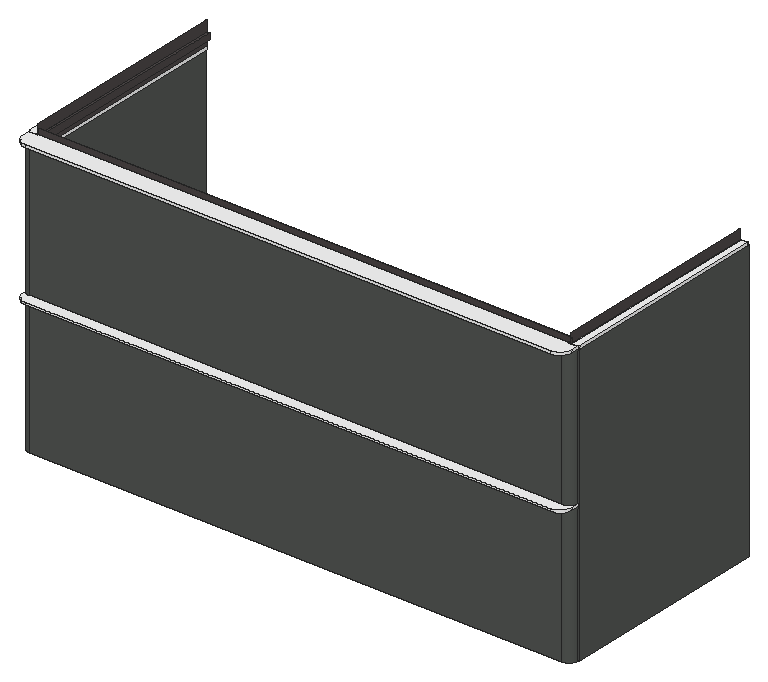
Revit family "vanity unit with 2 drawers", category Furniture, Revit 2019 (continued)
Definition of nested family "vanity unit 980_475 with 2 drawers for washbasin-54034700-dark walnut-matt_white-200_content"
  Forms (mm)
    Extrusion 5, solid, visible <- "ContentVisible", detail levels medium+fine
      sketch origin (0, 0, 0) x (1, 0, 0) y (0, 0, -1)
        loop
          line (472.5, -566.8) -> (472.5, -605) -> (474, -605) -> (474, -566.8) -> (472.5, -566.8)
      from -455 to 0
    Extrusion 6, solid, visible <- "ContentVisible", detail levels medium+fine
      sketch origin (0, 0, 600) x (1, 0, 0) y (0, 1, 0)
        loop
          line (-490, 0) -> (-490, -455) -> (-474, -455) -> (-474, 0) -> (-490, 0)
      from 0 to 5
    Extrusion 7, solid, visible <- "ContentVisible", detail levels medium+fine
      sketch origin (0, 0, 600) x (1, 0, 0) y (0, 1, 0)
        loop
          line (474, 0) -> (474, -455) -> (490, -455) -> (490, 0) -> (474, 0)
      from 0 to 5
    Extrusion 8, solid, visible <- "ContentVisible", detail levels medium+fine
      sketch origin (0, 0, 0) x (1, 0, 0) y (0, 0, -1)
        loop
          line (-472.5, -575.3) -> (-472.5, -624.5) -> (-466.4, -624.5) -> (-466.4, -575.3) -> (-472.5, -575.3)
      from -453.5 to 0
    Extrusion 9, solid, visible <- "ContentVisible", detail levels medium+fine
      sketch origin (0, 0, 0) x (1, 0, 0) y (0, 0, -1)
        loop
          line (466.4, -575.3) -> (466.4, -624.5) -> (472.5, -624.5) -> (472.5, -575.3) -> (466.4, -575.3)
      from -453.5 to 0
    Extrusion 10, solid, visible <- "ContentVisible", detail levels medium+fine
      sketch origin (0, 0, 0) x (0, 0, -1) y (0, 1, 0)
        loop
          line (-616, -453.5) -> (-567, -453.5) -> (-567, -447.4) -> (-616, -447.4) -> (-616, -453.5)
      from -472.5 to 472.5
    Extrusion 11, solid, visible <- "ContentVisible", detail levels coarse
      sketch origin (0, -248, 0) x (1, 0, 0) y (0, 1, 0)
        loop
          line (-490, -248) -> (490, -248) -> (490, 248) -> (-490, 248) -> (-490, -248)
      from 0 to 624.5
  Dimensions and locks
    aligned and locked: level to plane 2
Definition of nested family "vanity unit 980_475 with 2 drawers for washbasin-54034700-dark walnut-matt_white-400_content"
  Parameters (values of type "Vanity unit 980_475 with 2 drawers for washbasin-54034700-Dark Walnut-MATT_WHITE-400_Content")
    etim7_EC011381 = "EC011381"
    WEIGHT = "39.8"
    UNSPSC = "56 | Furniture and Furnishings"
    UNIFORMATII = "E2010 | Fixed Furnishings"
    UNICLASS_2015_CODE = "40_30_78_05"
    UNICLASS2015 = "Pr_40_30_78_05 | Bathroom furniture"
    SURFACE = "MATT_WHITE"
    REGIONSET = "Worldwide"
    PRODUCTURL = "https://pro.hansgrohe.com/articledetail--54034000"
    PRODUCTGROUP = "vanity unit"
    PRODUCTFAMILY = "Xelu Q"
    PERMALINK = "54034XXX"
    OMNICLASS = "23-21 19 15 33 13 | Residential Bathroom Specialty Casework"
    OBJECTTYPE = "Object (single object)"
    OBERFLAECHE = "Dark Walnut"
    NN = "Vanity Unit with 2 Drawers"
    NBSYN = "$BASENUMBER.-$ARTNR.-$OBERFLAECHE.-$SURFACE.-$LODLEVEL."
    NB = "Vanity unit 980/475 with 2 drawers for washbasin-54034700-Dark Walnut-MATT_WHITE-400"
    NAME = "Xelu Q Vanity unit Dark Walnut 980/475 with 2 drawers for washbasin"
    Model = "Vanity unit 980/475 with 2 drawers for washbasin-54034700-Dark Walnut-MATT_WHITE-400"
    Manufacturer = "Hansgrohe"
    MASTERFORMAT = "12 35 30.23 | Bathroom Casework"
    LODLEVEL = "400"
    LINA = "Vanity unit 980/475 with 2 drawers for washbasin-54034700-Dark Walnut-MATT_WHITE-400"
    L = 980
    IFC = "Furnishing element"
    GTINCODE = "4059625455838"
    ETIM = "EC011381 | Bathroom furniture set"
    Default Elevation = 1219.2 mm
    DESIGN = "Germany"
    ContentVisible [instance] = yes
    CATALOG = "Hansgrohe"
    BIMOBJECT = "Sanitary: Compound units"
    BASENUMBER = "Vanity unit 980/475 with 2 drawers for washbasin"
    ARTNR = "54034700"
  Reference planes
    plane 1 "Center (Front/Back)": y = 0
    plane 2: z = 0
    plane 3 "Center (Left/Right)": x = 0
  Forms (mm)
    Extrusion 1, solid, visible <- "ContentVisible", detail levels medium+fine
      sketch origin (0, 0, 0) x (1, 0, 0) y (0, 1, 0)
        loop
          line (-490, 0) -> (-490, -452)
          arc (-490, -452) -> (-489.121, -454.121) -> (-487, -455) r 3
          line (-487, -455) -> (-474, -455) -> (-474, 0) -> (-490, 0)
      from 0 to 600
    Extrusion 2, solid, visible <- "ContentVisible", detail levels medium+fine
      sketch origin (0, 0, 2) x (1, 0, 0) y (0, 1, 0)
        loop
          line (-474, -88) -> (-474, -455) -> (474, -455) -> (474, -88) -> (-474, -88)
      from 0 to 16
    Extrusion 3, solid, visible <- "ContentVisible", detail levels medium+fine
      sketch origin (0, 0, 0) x (1, 0, 0) y (0, 1, 0)
        loop
          line (474, 0) -> (474, -455) -> (487, -455)
          arc (487, -455) -> (489.121, -454.121) -> (490, -452) r 3
          line (490, -452) -> (490, 0) -> (474, 0)
      from 0 to 600
    Extrusion 4, solid, visible <- "ContentVisible", detail levels medium+fine
      sketch origin (0, 0, 2) x (1, 0, 0) y (0, 1, 0)
        loop
          line (-474, -72) -> (-474, -88) -> (474, -88) -> (474, -72) -> (-474, -72)
      from 0 to 126
    Extrusion 5, solid, visible <- "ContentVisible", detail levels medium+fine
      sketch origin (0, 0, 2) x (1, 0, 0) y (0, 1, 0)
        loop
          line (-490, -455) -> (-490, -457)
          arc (-490, -457) -> (-484.435, -470.435) -> (-471, -476) r 19
          line (-471, -476) -> (471, -476)
          arc (471, -476) -> (484.435, -470.435) -> (490, -457) r 19
          line (490, -457) -> (490, -455) -> (-490, -455)
      from 0 to 295
    Extrusion 6, solid, visible <- "ContentVisible", detail levels medium+fine
      sketch origin (0, 0, 305) x (1, 0, 0) y (0, 1, 0)
        loop
          line (-490, -455) -> (-490, -457)
          arc (-490, -457) -> (-484.435, -470.435) -> (-471, -476) r 19
          line (-471, -476) -> (471, -476)
          arc (471, -476) -> (484.435, -470.435) -> (490, -457) r 19
          line (490, -457) -> (490, -455) -> (-490, -455)
      from 0 to 295
    Extrusion 7, solid, visible <- "ContentVisible", detail levels medium+fine
      sketch origin (0, 0, 297) x (1, 0, 0) y (0, 1, 0)
        loop
          line (-488.5, -455) -> (-488.5, -471)
          arc (-488.5, -471) -> (-481.178, -488.678) -> (-463.5, -496) r 25
          line (-463.5, -496) -> (463.5, -496)
          arc (463.5, -496) -> (481.178, -488.678) -> (488.5, -471) r 25
          line (488.5, -471) -> (488.5, -455) -> (468.5, -455) -> (468.5, -453.5) -> (-468.5, -453.5) -> (-468.5, -455) -> (-488.5, -455)
      from 0 to 5
    Extrusion 8, solid, visible <- "ContentVisible", detail levels medium+fine
      sketch origin (0, 0, 0) x (0, 0, -1) y (0, 1, 0)
        loop
          line (-297, -453.5) -> (-297, -455) -> (-267, -455) -> (-267, -453.5) -> (-297, -453.5)
      from -468.5 to 468.5
    Extrusion 9, solid, visible <- "ContentVisible", detail levels medium+fine
      sketch origin (0, 0, 600) x (1, 0, 0) y (0, 1, 0)
        loop
          line (-488.5, -455) -> (-488.5, -471)
          arc (-488.5, -471) -> (-481.178, -488.678) -> (-463.5, -496) r 25
          line (-463.5, -496) -> (463.5, -496)
          arc (463.5, -496) -> (481.178, -488.678) -> (488.5, -471) r 25
          line (488.5, -471) -> (488.5, -455) -> (468.5, -455) -> (468.5, -453.5) -> (-468.5, -453.5) -> (-468.5, -455) -> (-488.5, -455)
      from 0 to 5
    Extrusion 10, solid, visible <- "ContentVisible", detail levels medium+fine
      sketch origin (0, 0, 0) x (0, 0, -1) y (0, 1, 0)
        loop
          line (-600, -453.5) -> (-600, -455) -> (-570, -455) -> (-570, -453.5) -> (-600, -453.5)
      from -468.5 to 468.5
    Extrusion 11, solid, visible <- "ContentVisible", detail levels medium+fine
      sketch origin (0, 0, 0) x (1, 0, 0) y (0, 0, -1)
        loop
          line (-474, -566.8) -> (-474, -605) -> (-472.5, -605) -> (-472.5, -566.8) -> (-474, -566.8)
      from -455 to 0
    Extrusion 12, solid, visible <- "ContentVisible", detail levels medium+fine
      sketch origin (0, 0, 0) x (1, 0, 0) y (0, 0, -1)
        loop
          line (472.5, -566.8) -> (472.5, -605) -> (474, -605) -> (474, -566.8) -> (472.5, -566.8)
      from -455 to 0
    Extrusion 13, solid, visible <- "ContentVisible", detail levels medium+fine
      sketch origin (0, 0, 600) x (1, 0, 0) y (0, 1, 0)
        loop
          line (-490, -3) -> (-490, -452)
          arc (-490, -452) -> (-489.121, -454.121) -> (-487, -455) r 3
          line (-487, -455) -> (-474, -455) -> (-474, 0) -> (-487, 0)
          arc (-487, 0) -> (-489.121, -0.879) -> (-490, -3) r 3
      from 0 to 5
    Extrusion 14, solid, visible <- "ContentVisible", detail levels medium+fine
      sketch origin (0, 0, 600) x (1, 0, 0) y (0, 1, 0)
        loop
          line (474, 0) -> (474, -455) -> (487, -455)
          arc (487, -455) -> (489.121, -454.121) -> (490, -452) r 3
          line (490, -452) -> (490, -3)
          arc (490, -3) -> (489.121, -0.879) -> (487, 0) r 3
          line (487, 0) -> (474, 0)
      from 0 to 5
    Extrusion 15, solid, visible <- "ContentVisible", detail levels medium+fine
      sketch origin (0, 0, 0) x (1, 0, 0) y (0, 0, -1)
        loop
          line (-472.5, -575.3) -> (-472.5, -624.5) -> (-471, -624.5) -> (-471, -602.8) -> (-466.4, -602.8) -> (-466.4, -588.3) -> (-471, -588.3) -> (-471, -575.3) -> (-472.5, -575.3)
      from -453.5 to 0
    Extrusion 16, solid, visible <- "ContentVisible", detail levels medium+fine
      sketch origin (0, 0, 0) x (1, 0, 0) y (0, 0, -1)
        loop
          line (466.4, -588.3) -> (466.4, -602.8) -> (471, -602.8) -> (471, -624.5) -> (472.5, -624.5) -> (472.5, -575.3) -> (471, -575.3) -> (471, -588.3) -> (466.4, -588.3)
      from -453.5 to 0
    Extrusion 17, solid, visible <- "ContentVisible", detail levels medium+fine
      sketch origin (0, 0, 0) x (0, 0, -1) y (0, 1, 0)
        loop
          line (-616, -453.5) -> (-567, -453.5) -> (-567, -452) -> (-588.5, -452) -> (-588.5, -447.4) -> (-603, -447.4) -> (-603, -452) -> (-616, -452) -> (-616, -453.5)
      from -472.5 to 472.5
    Extrusion 18, solid, visible <- "ContentVisible", detail levels coarse
      sketch origin (0, -248, 0) x (1, 0, 0) y (0, 1, 0)
        loop
          line (-490, -248) -> (490, -248) -> (490, 248) -> (-490, 248) -> (-490, -248)
      from 0 to 624.5
  Dimensions and locks
    aligned and locked: level to plane 2
Types (120, lengths in mm): name | WEIGHT | Vanity unit 980_475 with 2 drawers for washbasin-54034700-Dark Walnut-MATT_WHITE-400_RX0RY0RZ0TX0TY0TZ0_V | Vanity unit 980_475 with 2 drawers for washbasin-54034700-Dark Walnut-MATT_WHITE-200_RX0RY0RZ0TX0TY0TZ0_V | Vanity unit 980_475 with 2 drawers for washbasin-54034670-Dark Walnut-MATT_BLACK-400_RX0RY0RZ0TX0TY0TZ0_V | Vanity unit 980_475 with 2 drawers for washbasin-54034670-Dark Walnut-MATT_BLACK-200_RX0RY0RZ0TX0TY0TZ0_V | Vanity unit 980_475 with 2 drawers for washbasin-54034000-Dark Walnut-CHROME-400_RX0RY0RZ0TX0TY0TZ0_V | Vanity unit 980_475 with 2 drawers for washbasin-54034000-Dark Walnut-CHROME-200_RX0RY0RZ0TX0TY0TZ0_V | Vanity unit 980_475 with 2 drawers for washbasin-54033700-Natural Oak-MATT_WHITE-400_RX0RY0RZ0TX0TY0TZ0_V | Vanity unit 980_475 with 2 drawers for washbasin-54033700-Natural Oak-MATT_WHITE-200_RX0RY0RZ0TX0TY0TZ0_V | Vanity unit 980_475 with 2 drawers for washbasin-54033670-Natural Oak-MATT_BLACK-400_RX0RY0RZ0TX0TY0TZ0_V | Vanity unit 980_475 with 2 drawers for washbasin-54033670-Natural Oak-MATT_BLACK-200_RX0RY0RZ0TX0TY0TZ0_V | Vanity unit 980_475 with 2 drawers for washbasin-54033000-Natural Oak-CHROME-400_RX0RY0RZ0TX0TY0TZ0_V | Vanity unit 980_475 with 2 drawers for washbasin-54033000-Natural Oak-CHROME-200_RX0RY0RZ0TX0TY0TZ0_V | Vanity unit 980_475 with 2 drawers for washbasin-54032700-Diamond Matt Grey-MATT_WHITE-400_RX0RY0RZ0TX0TY0TZ0_V | Vanity unit 980_475 with 2 drawers for washbasin-54032700-Diamond Matt Grey-MATT_WHITE-200_RX0RY0RZ0TX0TY0TZ0_V | Vanity unit 980_475 with 2 drawers for washbasin-54032670-Diamond Matt Grey-MATT_BLACK-400_RX0RY0RZ0TX0TY0TZ0_V | Vanity unit 980_475 with 2 drawers for washbasin-54032670-Diamond Matt Grey-MATT_BLACK-200_RX0RY0RZ0TX0TY0TZ0_V | Vanity unit 980_475 with 2 drawers for washbasin-54032000-Diamond Matt Grey-CHROME-400_RX0RY0RZ0TX0TY0TZ0_V | Vanity unit 980_475 with 2 drawers for washbasin-54032000-Diamond Matt Grey-CHROME-200_RX0RY0RZ0TX0TY0TZ0_V | Vanity unit 980_475 with 2 drawers for washbasin-54031700-High Gloss White-MATT_WHITE-400_RX0RY0RZ0TX0TY0TZ0_V | Vanity unit 980_475 with 2 drawers for washbasin-54031700-High Gloss White-MATT_WHITE-200_RX0RY0RZ0TX0TY0TZ0_V | Vanity unit 980_475 with 2 drawers for washbasin-54031670-High Gloss White-MATT_BLACK-400_RX0RY0RZ0TX0TY0TZ0_V | Vanity unit 980_475 with 2 drawers for washbasin-54031670-High Gloss White-MATT_BLACK-200_RX0RY0RZ0TX0TY0TZ0_V | Vanity unit 980_475 with 2 drawers for washbasin-54031000-High Gloss White-CHROME-400_RX0RY0RZ0TX0TY0TZ0_V | Vanity unit 980_475 with 2 drawers for washbasin-54031000-High Gloss White-CHROME-200_RX0RY0RZ0TX0TY0TZ0_V | Vanity unit 780_475 with 2 drawers for washbasin-54030700-Dark Walnut-MATT_WHITE-400_RX0RY0RZ0TX0TY0TZ0_V | Vanity unit 780_475 with 2 drawers for washbasin-54030700-Dark Walnut-MATT_WHITE-200_RX0RY0RZ0TX0TY0TZ0_V | Vanity unit 780_475 with 2 drawers for washbasin-54030670-Dark Walnut-MATT_BLACK-400_RX0RY0RZ0TX0TY0TZ0_V | Vanity unit 780_475 with 2 drawers for washbasin-54030670-Dark Walnut-MATT_BLACK-200_RX0RY0RZ0TX0TY0TZ0_V | Vanity unit 780_475 with 2 drawers for washbasin-54030000-Dark Walnut-CHROME-400_RX0RY0RZ0TX0TY0TZ0_V | Vanity unit 780_475 with 2 drawers for washbasin-54030000-Dark Walnut-CHROME-200_RX0RY0RZ0TX0TY0TZ0_V | Vanity unit 780_475 with 2 drawers for washbasin-54029700-Natural Oak-MATT_WHITE-400_RX0RY0RZ0TX0TY0TZ0_V | Vanity unit 780_475 with 2 drawers for washbasin-54029700-Natural Oak-MATT_WHITE-200_RX0RY0RZ0TX0TY0TZ0_V | Vanity unit 780_475 with 2 drawers for washbasin-54029670-Natural Oak-MATT_BLACK-400_RX0RY0RZ0TX0TY0TZ0_V | Vanity unit 780_475 with 2 drawers for washbasin-54029670-Natural Oak-MATT_BLACK-200_RX0RY0RZ0TX0TY0TZ0_V | Vanity unit 780_475 with 2 drawers for washbasin-54029000-Natural Oak-CHROME-400_RX0RY0RZ0TX0TY0TZ0_V | Vanity unit 780_475 with 2 drawers for washbasin-54029000-Natural Oak-CHROME-200_RX0RY0RZ0TX0TY0TZ0_V | Vanity unit 780_475 with 2 drawers for washbasin-54028700-Diamond Matt Grey-MATT_WHITE-400_RX0RY0RZ0TX0TY0TZ0_V | Vanity unit 780_475 with 2 drawers for washbasin-54028700-Diamond Matt Grey-MATT_WHITE-200_RX0RY0RZ0TX0TY0TZ0_V | Vanity unit 780_475 with 2 drawers for washbasin-54028670-Diamond Matt Grey-MATT_BLACK-400_RX0RY0RZ0TX0TY0TZ0_V | Vanity unit 780_475 with 2 drawers for washbasin-54028670-Diamond Matt Grey-MATT_BLACK-200_RX0RY0RZ0TX0TY0TZ0_V | Vanity unit 780_475 with 2 drawers for washbasin-54028000-Diamond Matt Grey-CHROME-400_RX0RY0RZ0TX0TY0TZ0_V | Vanity unit 780_475 with 2 drawers for washbasin-54028000-Diamond Matt Grey-CHROME-200_RX0RY0RZ0TX0TY0TZ0_V | Vanity unit 780_475 with 2 drawers for washbasin-54027700-High Gloss White-MATT_WHITE-400_RX0RY0RZ0TX0TY0TZ0_V | Vanity unit 780_475 with 2 drawers for washbasin-54027700-High Gloss White-MATT_WHITE-200_RX0RY0RZ0TX0TY0TZ0_V | Vanity unit 780_475 with 2 drawers for washbasin-54027670-High Gloss White-MATT_BLACK-400_RX0RY0RZ0TX0TY0TZ0_V | Vanity unit 780_475 with 2 drawers for washbasin-54027670-High Gloss White-MATT_BLACK-200_RX0RY0RZ0TX0TY0TZ0_V | Vanity unit 780_475 with 2 drawers for washbasin-54027000-High Gloss White-CHROME-400_RX0RY0RZ0TX0TY0TZ0_V | Vanity unit 780_475 with 2 drawers for washbasin-54027000-High Gloss White-CHROME-200_RX0RY0RZ0TX0TY0TZ0_V | Vanity unit 580_475 with 2 drawers for washbasin-54026700-Dark Walnut-MATT_WHITE-400_RX0RY0RZ0TX0TY0TZ0_V | Vanity unit 580_475 with 2 drawers for washbasin-54026700-Dark Walnut-MATT_WHITE-200_RX0RY0RZ0TX0TY0TZ0_V | Vanity unit 580_475 with 2 drawers for washbasin-54026670-Dark Walnut-MATT_BLACK-400_RX0RY0RZ0TX0TY0TZ0_V | Vanity unit 580_475 with 2 drawers for washbasin-54026670-Dark Walnut-MATT_BLACK-200_RX0RY0RZ0TX0TY0TZ0_V | Vanity unit 580_475 with 2 drawers for washbasin-54026000-Dark Walnut-CHROME-400_RX0RY0RZ0TX0TY0TZ0_V | Vanity unit 580_475 with 2 drawers for washbasin-54026000-Dark Walnut-CHROME-200_RX0RY0RZ0TX0TY0TZ0_V | Vanity unit 580_475 with 2 drawers for washbasin-54025700-Natural Oak-MATT_WHITE-400_RX0RY0RZ0TX0TY0TZ0_V | Vanity unit 580_475 with 2 drawers for washbasin-54025700-Natural Oak-MATT_WHITE-200_RX0RY0RZ0TX0TY0TZ0_V | Vanity unit 580_475 with 2 drawers for washbasin-54025670-Natural Oak-MATT_BLACK-400_RX0RY0RZ0TX0TY0TZ0_V | Vanity unit 580_475 with 2 drawers for washbasin-54025670-Natural Oak-MATT_BLACK-200_RX0RY0RZ0TX0TY0TZ0_V | Vanity unit 580_475 with 2 drawers for washbasin-54025000-Natural Oak-CHROME-400_RX0RY0RZ0TX0TY0TZ0_V | Vanity unit 580_475 with 2 drawers for washbasin-54025000-Natural Oak-CHROME-200_RX0RY0RZ0TX0TY0TZ0_V | Vanity unit 580_475 with 2 drawers for washbasin-54024700-Diamond Matt Grey-MATT_WHITE-400_RX0RY0RZ0TX0TY0TZ0_V | Vanity unit 580_475 with 2 drawers for washbasin-54024700-Diamond Matt Grey-MATT_WHITE-200_RX0RY0RZ0TX0TY0TZ0_V | Vanity unit 580_475 with 2 drawers for washbasin-54024670-Diamond Matt Grey-MATT_BLACK-400_RX0RY0RZ0TX0TY0TZ0_V | Vanity unit 580_475 with 2 drawers for washbasin-54024670-Diamond Matt Grey-MATT_BLACK-200_RX0RY0RZ0TX0TY0TZ0_V | Vanity unit 580_475 with 2 drawers for washbasin-54024000-Diamond Matt Grey-CHROME-400_RX0RY0RZ0TX0TY0TZ0_V | Vanity unit 580_475 with 2 drawers for washbasin-54024000-Diamond Matt Grey-CHROME-200_RX0RY0RZ0TX0TY0TZ0_V | Vanity unit 580_475 with 2 drawers for washbasin-54023700-High Gloss White-MATT_WHITE-400_RX0RY0RZ0TX0TY0TZ0_V | Vanity unit 580_475 with 2 drawers for washbasin-54023700-High Gloss White-MATT_WHITE-200_RX0RY0RZ0TX0TY0TZ0_V | Vanity unit 580_475 with 2 drawers for washbasin-54023670-High Gloss White-MATT_BLACK-400_RX0RY0RZ0TX0TY0TZ0_V | Vanity unit 580_475 with 2 drawers for washbasin-54023670-High Gloss White-MATT_BLACK-200_RX0RY0RZ0TX0TY0TZ0_V | Vanity unit 580_475 with 2 drawers for washbasin-54023000-High Gloss White-CHROME-400_RX0RY0RZ0TX0TY0TZ0_V | Vanity unit 580_475 with 2 drawers for washbasin-54023000-High Gloss White-CHROME-200_RX0RY0RZ0TX0TY0TZ0_V | Vanity unit 480_475 with 2 drawers for handrinse basin-54022700-Dark Walnut-MA
  TT_WHITE-400_RX0RY0RZ0TX0TY0TZ0_V | Vanity unit 480_475 with 2 drawers for handrinse basin-54022700-Dark Walnut-MATT_WHITE-200_RX0RY0RZ0TX0TY0TZ0_V | Vanity unit 480_475 with 2 drawers for handrinse basin-54022670-Dark Walnut-MATT_BLACK-400_RX0RY0RZ0TX0TY0TZ0_V | Vanity unit 480_475 with 2 drawers for handrinse basin-54022670-Dark Walnut-MATT_BLACK-200_RX0RY0RZ0TX0TY0TZ0_V | Vanity unit 480_475 with 2 drawers for handrinse basin-54022000-Dark Walnut-CHROME-400_RX0RY0RZ0TX0TY0TZ0_V | Vanity unit 480_475 with 2 drawers for handrinse basin-54022000-Dark Walnut-CHROME-200_RX0RY0RZ0TX0TY0TZ0_V | Vanity unit 480_475 with 2 drawers for handrinse basin-54021700-Natural Oak-MATT_WHITE-400_RX0RY0RZ0TX0TY0TZ0_V | Vanity unit 480_475 with 2 drawers for handrinse basin-54021700-Natural Oak-MATT_WHITE-200_RX0RY0RZ0TX0TY0TZ0_V | Vanity unit 480_475 with 2 drawers for handrinse basin-54021670-Natural Oak-MATT_BLACK-400_RX0RY0RZ0TX0TY0TZ0_V | Vanity unit 480_475 with 2 drawers for handrinse basin-54021670-Natural Oak-MATT_BLACK-200_RX0RY0RZ0TX0TY0TZ0_V | Vanity unit 480_475 with 2 drawers for handrinse basin-54021000-Natural Oak-CHROME-400_RX0RY0RZ0TX0TY0TZ0_V | Vanity unit 480_475 with 2 drawers for handrinse basin-54021000-Natural Oak-CHROME-200_RX0RY0RZ0TX0TY0TZ0_V | Vanity unit 480_475 with 2 drawers for handrinse basin-54020700-Diamond Matt Grey-MATT_WHITE-400_RX0RY0RZ0TX0TY0TZ0_V | Vanity unit 480_475 with 2 drawers for handrinse basin-54020700-Diamond Matt Grey-MATT_WHITE-200_RX0RY0RZ0TX0TY0TZ0_V | Vanity unit 480_475 with 2 drawers for handrinse basin-54020670-Diamond Matt Grey-MATT_BLACK-400_RX0RY0RZ0TX0TY0TZ0_V | Vanity unit 480_475 with 2 drawers for handrinse basin-54020670-Diamond Matt Grey-MATT_BLACK-200_RX0RY0RZ0TX0TY0TZ0_V | Vanity unit 480_475 with 2 drawers for handrinse basin-54020000-Diamond Matt Grey-CHROME-400_RX0RY0RZ0TX0TY0TZ0_V | Vanity unit 480_475 with 2 drawers for handrinse basin-54020000-Diamond Matt Grey-CHROME-200_RX0RY0RZ0TX0TY0TZ0_V | Vanity unit 480_475 with 2 drawers for handrinse basin-54019700-High Gloss White-MATT_WHITE-400_RX0RY0RZ0TX0TY0TZ0_V | Vanity unit 480_475 with 2 drawers for handrinse basin-54019700-High Gloss White-MATT_WHITE-200_RX0RY0RZ0TX0TY0TZ0_V | Vanity unit 480_475 with 2 drawers for handrinse basin-54019670-High Gloss White-MATT_BLACK-400_RX0RY0RZ0TX0TY0TZ0_V | Vanity unit 480_475 with 2 drawers for handrinse basin-54019670-High Gloss White-MATT_BLACK-200_RX0RY0RZ0TX0TY0TZ0_V | Vanity unit 480_475 with 2 drawers for handrinse basin-54019000-High Gloss White-CHROME-400_RX0RY0RZ0TX0TY0TZ0_V | Vanity unit 480_475 with 2 drawers for handrinse basin-54019000-High Gloss White-CHROME-200_RX0RY0RZ0TX0TY0TZ0_V | Vanity unit 1180_475 with 2 drawers for washbasin-54038700-Dark Walnut-MATT_WHITE-400_RX0RY0RZ0TX0TY0TZ0_V | Vanity unit 1180_475 with 2 drawers for washbasin-54038700-Dark Walnut-MATT_WHITE-200_RX0RY0RZ0TX0TY0TZ0_V | Vanity unit 1180_475 with 2 drawers for washbasin-54038670-Dark Walnut-MATT_BLACK-400_RX0RY0RZ0TX0TY0TZ0_V | Vanity unit 1180_475 with 2 drawers for washbasin-54038670-Dark Walnut-MATT_BLACK-200_RX0RY0RZ0TX0TY0TZ0_V | Vanity unit 1180_475 with 2 drawers for washbasin-54038000-Dark Walnut-CHROME-400_RX0RY0RZ0TX0TY0TZ0_V | Vanity unit 1180_475 with 2 drawers for washbasin-54038000-Dark Walnut-CHROME-200_RX0RY0RZ0TX0TY0TZ0_V | Vanity unit 1180_475 with 2 drawers for washbasin-54037700-Natural Oak-MATT_WHITE-400_RX0RY0RZ0TX0TY0TZ0_V | Vanity unit 1180_475 with 2 drawers for washbasin-54037700-Natural Oak-MATT_WHITE-200_RX0RY0RZ0TX0TY0TZ0_V | Vanity unit 1180_475 with 2 drawers for washbasin-54037670-Natural Oak-MATT_BLACK-400_RX0RY0RZ0TX0TY0TZ0_V | Vanity unit 1180_475 with 2 drawers for washbasin-54037670-Natural Oak-MATT_BLACK-200_RX0RY0RZ0TX0TY0TZ0_V | Vanity unit 1180_475 with 2 drawers for washbasin-54037000-Natural Oak-CHROME-400_RX0RY0RZ0TX0TY0TZ0_V | Vanity unit 1180_475 with 2 drawers for washbasin-54037000-Natural Oak-CHROME-200_RX0RY0RZ0TX0TY0TZ0_V | Vanity unit 1180_475 with 2 drawers for washbasin-54036700-Diamond Matt Grey-MATT_WHITE-400_RX0RY0RZ0TX0TY0TZ0_V | Vanity unit 1180_475 with 2 drawers for washbasin-54036700-Diamond Matt Grey-MATT_WHITE-200_RX0RY0RZ0TX0TY0TZ0_V | Vanity unit 1180_475 with 2 drawers for washbasin-54036670-Diamond Matt Grey-MATT_BLACK-400_RX0RY0RZ0TX0TY0TZ0_V | Vanity unit 1180_475 with 2 drawers for washbasin-54036670-Diamond Matt Grey-MATT_BLACK-200_RX0RY0RZ0TX0TY0TZ0_V | Vanity unit 1180_475 with 2 drawers for washbasin-54036000-Diamond Matt Grey-CHROME-400_RX0RY0RZ0TX0TY0TZ0_V | Vanity unit 1180_475 with 2 drawers for washbasin-54036000-Diamond Matt Grey-CHROME-200_RX0RY0RZ0TX0TY0TZ0_V | Vanity unit 1180_475 with 2 drawers for washbasin-54035700-High Gloss White-MATT_WHITE-400_RX0RY0RZ0TX0TY0TZ0_V | Vanity unit 1180_475 with 2 drawers for washbasin-54035700-High Gloss White-MATT_WHITE-200_RX0RY0RZ0TX0TY0TZ0_V | Vanity unit 1180_475 with 2 drawers for washbasin-54035670-High Gloss White-MATT_BLACK-400_RX0RY0RZ0TX0TY0TZ0_V | Vanity unit 1180_475 with 2 drawers for washbasin-54035670-High Gloss White-MATT_BLACK-200_RX0RY0RZ0TX0TY0TZ0_V | Vanity unit 1180_475 with 2 drawers for washbasin-54035000-High Gloss White-CHROME-400_RX0RY0RZ0TX0TY0TZ0_V | Vanity unit 1180_475 with 2 drawers for washbasin-54035000-High Gloss White-CHROME-200_RX0RY0RZ0TX0TY0TZ0_V | SURFACE | PRODUCTURL | PERMALINK | OBERFLAECHE | NB | NAME | Model | MIdent | LODLEVEL | LINA | L | GTINCODE | BASENUMBER | ARTNR
  Vanity unit 1180_475 with 2 drawers for washbasin-54035000-High Gloss White-CHROME-200 | "45.5" | no | no | no | no | no | no | no | no | no | no | no | no | no | no | no | no | no | no | no | no | no | no | no | no | no | no | no | no | no | no | no | no | no | no | no | no | no | no | no | no | no | no | no | no | no | no | no | no | no | no | no | no | no | no | no | no | no | no | no | no | no | no | no | no | no | no | no | no | no | no | no | no | no | no | no | no | no | no | no | no | no | no | no | no | no | no | no | no | no | no | no | no | no | no | no | no | no | no | no | no | no | no | no | no | no | no | no | no | no | no | no | no | no | no | no | no | no | no | no | yes | "CHROME" | "https://pro.hansgrohe.com/articledetail--54035000" | "54035XXX" | "High Gloss White" | "Vanity unit 1180/475 with 2 drawers for washbasin-54035000-High Gloss White-CHROME-200" | "Xelu Q Vanity unit High Gloss White 1180/475 with 2 drawers for washbasin" | "Vanity unit 1180/475 with 2 drawers for washbasin-54035000-High Gloss White-CHROME-200" | "{$CADENAS_DATA/23d-libs/hansgrohe/xelu_furniture/vanity_unit_2_drawers_basin/vanity_unit_with_2_drawers_for_basin.prj},341 {VTYP=3D},{NB=Vanity unit 1180/475 with 2 drawers for washbasin-54035000-High Gloss White-CHROME-200},{LINA=Vanity unit 1180/475 with 2 drawers for washbasin-54035000-High Gloss White-CHROME-200},{NN=Vanity Unit with 2 Drawers},{DATE=10.03.2023 08:13:12},{GEOMDATE=08.03.2023 13:51:26},{VERSION=},{LINEID=510},{WBVAR=LODLEVEL},{WBNUMERIC=}  {NB=Vanity unit 1180/475 with 2 drawers for washbasin-54035000-High Gloss White-CHROME-200},{LINA=Vanity unit 1180/475 with 2 drawers for washbasin-54035000-High Gloss White-CHROME-200},{KT=DUMMY},{IDNR=51},{ARTNR=54035000},{BASENUMBER=Vanity unit 1180/475 with 2 drawers for washbasin},{MODEL=54035XXX},{OBERFLAECHE=High Gloss White},{SURFACE=CHROME},{L=1180},{LODLEVEL=200},{LODLEVELX='400','400','200','200'},{NAME=Xelu Q Vanity unit High Gloss White 1180/475 with 2 drawers for washbasin},{PERMALINK=54035XXX},{OBJECTTYPE=Object (single object)},{BIMOBJECT=Sanitary: Compound units},{PRODUCTFAMILY=Xelu Q},{PRODUCTGROUP=vanity unit},{WEIGHT=45.5},{DESCRIPTION=Xelu Q Vanity unit High Gloss White 1180/475 with 2 drawers for washbasin},{SPECIFICATION=},{PRODUCTURL=https://pro.hansgrohe.com/articledetail--54035000},{GTINCODE=4059625455807},{TENDERURL=},{IFC=Furnishing element},{ETIM=EC011381 | Bathroom furniture set},{UNICLASS2015=Pr_40_30_78_05 | Bathroom furniture},{OMNICLASS=23-21 19 15 33 13 | Residential Bathroom Specialty Casework},{MASTERFORMAT=12 35 30.23 | Bathroom Casework},{UNSPSC=56 | Furniture and Furnishings},{UNIFORMATII=E2010 | Fixed Furnishings},{REGIONSET=Worldwide},{DESIGN=Germany},{MANUFACTURER=Germany}" | "200" | "Vanity unit 1180/475 with 2 drawers for washbasin-54035000-High Gloss White-CHROME-200" | 1180 | "4059625455807" | "Vanity unit 1180/475 with 2 drawers for washbasin" | "54035000"
  Vanity unit 1180_475 with 2 drawers for washbasin-54035000-High Gloss White-CHROME-400 | "45.5" | no | no | no | no | no | no | no | no | no | no | no | no | no | no | no | no | no | no | no | no | no | no | no | no | no | no | no | no | no | no | no | no | no | no | no | no | no | no | no | no | no | no | no | no | no | no | no | no | no | no | no | no | no | no | no | no | no | no | no | no | no | no | no | no | no | no | no | no | no | no | no | no | no | no | no | no | no | no | no | no | no | no | no | no | no | no | no | no | no | no | no | no | no | no | no | no | no | no | no | no | no | no | no | no | no | no | no | no | no | no | no | no | no | no | no | no | no | no | yes | no | "CHROME" | "https://pro.hansgrohe.com/articledetail--54035000" | "54035XXX" | "High Gloss White" | "Vanity unit 1180/475 with 2 drawers for washbasin-54035000-High Gloss White-CHROME-400" | "Xelu Q Vanity unit High Gloss White 1180/475 with 2 drawers for washbasin" | "Vanity unit 1180/475 with 2 drawers for washbasin-54035000-High Gloss White-CHROME-400" | "{$CADENAS_DATA/23d-libs/hansgrohe/xelu_furniture/vanity_unit_2_drawers_basin/vanity_unit_with_2_drawers_for_basin.prj},341 {VTYP=3D},{NB=Vanity unit 1180/475 with 2 drawers for washbasin-54035000-High Gloss White-CHROME-400},{LINA=Vanity unit 1180/475 with 2 drawers for washbasin-54035000-High Gloss White-CHROME-400},{NN=Vanity Unit with 2 Drawers},{DATE=10.03.2023 08:13:12},{GEOMDATE=08.03.2023 13:51:26},{VERSION=},{LINEID=510},{WBVAR=LODLEVEL},{WBNUMERIC=}  {NB=Vanity unit 1180/475 with 2 drawers for washbasin-54035000-High Gloss White-CHROME-400},{LINA=Vanity unit 1180/475 with 2 drawers for washbasin-54035000-High Gloss White-CHROME-400},{KT=DUMMY},{IDNR=51},{ARTNR=54035000},{BASENUMBER=Vanity unit 1180/475 with 2 drawers for washbasin},{MODEL=54035XXX},{OBERFLAECHE=High Gloss White},{SURFACE=CHROME},{L=1180},{LODLEVEL=400},{LODLEVELX='400','400','200','200'},{NAME=Xelu Q Vanity unit High Gloss White 1180/475 with 2 drawers for washbasin},{PERMALINK=54035XXX},{OBJECTTYPE=Object (single object)},{BIMOBJECT=Sanitary: Compound units},{PRODUCTFAMILY=Xelu Q},{PRODUCTGROUP=vanity unit},{WEIGHT=45.5},{DESCRIPTION=Xelu Q Vanity unit High Gloss White 1180/475 with 2 drawers for washbasin},{SPECIFICATION=},{PRODUCTURL=https://pro.hansgrohe.com/articledetail--54035000},{GTINCODE=4059625455807},{TENDERURL=},{IFC=Furnishing element},{ETIM=EC011381 | Bathroom furniture set},{UNICLASS2015=Pr_40_30_78_05 | Bathroom furniture},{OMNICLASS=23-21 19 15 33 13 | Residential Bathroom Specialty Casework},{MASTERFORMAT=12 35 30.23 | Bathroom Casework},{UNSPSC=56 | Furniture and Furnishings},{UNIFORMATII=E2010 | Fixed Furnishings},{REGIONSET=Worldwide},{DESIGN=Germany},{MANUFACTURER=Germany}" | "400" | "Vanity unit 1180/475 with 2 drawers for washbasin-54035000-High Gloss White-CHROME-400" | 1180 | "4059625455807" | "Vanity unit 1180/475 with 2 drawers for washbasin" | "54035000"
  Vanity unit 1180_475 with 2 drawers for washbasin-54035670-High Gloss White-MATT_BLACK-200 | "45.5" | no | no | no | no | no | no | no | no | no | no | no | no | no | no | no | no | no | no | no | no | no | no | no | no | no | no | no | no | no | no | no | no | no | no | no | no | no | no | no | no | no | no | no | no | no | no | no | no | no | no | no | no | no | no | no | no | no | no | no | no | no | no | no | no | no | no | no | no | no | no | no | no | no | no | no | no | no | no | no | no | no | no | no | no | no | no | no | no | no | no | no | no | no | no | no | no | no | no | no | no | no | no | no | no | no | no | no | no | no | no | no | no | no | no | no | no | no | yes | no | no | "MATT_BLACK" | "https://pro.hansgrohe.com/articledetail--54035000" | "54035XXX" | "High Gloss White" | "Vanity unit 1180/475 with 2 drawers for washbasin-54035670-High Gloss White-MATT_BLACK-200" | "Xelu Q Vanity unit High Gloss White 1180/475 with 2 drawers for washbasin" | "Vanity unit 1180/475 with 2 drawers for washbasin-54035670-High Gloss White-MATT_BLACK-200" | "{$CADENAS_DATA/23d-libs/hansgrohe/xelu_furniture/vanity_unit_2_drawers_basin/vanity_unit_with_2_drawers_for_basin.prj},349 {VTYP=3D},{NB=Vanity unit 1180/475 with 2 drawers for washbasin-54035670-High Gloss White-MATT_BLACK-200},{LINA=Vanity unit 1180/475 with 2 drawers for washbasin-54035670-High Gloss White-MATT_BLACK-200},{NN=Vanity Unit with 2 Drawers},{DATE=10.03.2023 08:13:12},{GEOMDATE=08.03.2023 13:51:26},{VERSION=},{LINEID=500},{WBVAR=LODLEVEL},{WBNUMERIC=}  {NB=Vanity unit 1180/475 with 2 drawers for washbasin-54035670-High Gloss White-MATT_BLACK-200},{LINA=Vanity unit 1180/475 with 2 drawers for washbasin-54035670-High Gloss White-MATT_BLACK-200},{KT=DUMMY},{IDNR=50},{ARTNR=54035670},{BASENUMBER=Vanity unit 1180/475 with 2 drawers for washbasin},{MODEL=54035XXX},{OBERFLAECHE=High Gloss White},{SURFACE=MATT_BLACK},{L=1180},{LODLEVEL=200},{LODLEVELX='400','400','200','200'},{NAME=Xelu Q Vanity unit High Gloss White 1180/475 with 2 drawers for washbasin},{PERMALINK=54035XXX},{OBJECTTYPE=Object (single object)},{BIMOBJECT=Sanitary: Compound units},{PRODUCTFAMILY=Xelu Q},{PRODUCTGROUP=vanity unit},{WEIGHT=45.5},{DESCRIPTION=Xelu Q Vanity unit High Gloss White 1180/475 with 2 drawers for washbasin},{SPECIFICATION=},{PRODUCTURL=https://pro.hansgrohe.com/articledetail--54035000},{GTINCODE=4059625455807},{TENDERURL=},{IFC=Furnishing element},{ETIM=EC011381 | Bathroom furniture set},{UNICLASS2015=Pr_40_30_78_05 | Bathroom furniture},{OMNICLASS=23-21 19 15 33 13 | Residential Bathroom Specialty Casework},{MASTERFORMAT=12 35 30.23 | Bathroom Casework},{UNSPSC=56 | Furniture and Furnishings},{UNIFORMATII=E2010 | Fixed Furnishings},{REGIONSET=Worldwide},{DESIGN=Germany},{MANUFACTURER=Germany}" | "200" | "Vanity unit 1180/475 with 2 drawers for washbasin-54035670-High Gloss White-MATT_BLACK-200" | 1180 | "4059625455807" | "Vanity unit 1180/475 with 2 drawers for washbasin" | "54035670"
  Vanity unit 1180_475 with 2 drawers for washbasin-54035670-High Gloss White-MATT_BLACK-400 | "45.5" | no | no | no | no | no | no | no | no | no | no | no | no | no | no | no | no | no | no | no | no | no | no | no | no | no | no | no | no | no | no | no | no | no | no | no | no | no | no | no | no | no | no | no | no | no | no | no | no | no | no | no | no | no | no | no | no | no | no | no | no | no | no | no | no | no | no | no | no | no | no | no | no | no | no | no | no | no | no | no | no | no | no | no | no | no | no | no | no | no | no | no | no | no | no | no | no | no | no | no | no | no | no | no | no | no | no | no | no | no | no | no | no | no | no | no | no | yes | no | no | no | "MATT_BLACK" | "https://pro.hansgrohe.com/articledetail--54035000" | "54035XXX" | "High Gloss White" | "Vanity unit 1180/475 with 2 drawers for washbasin-54035670-High Gloss White-MATT_BLACK-400" | "Xelu Q Vanity unit High Gloss White 1180/475 with 2 drawers for washbasin" | "Vanity unit 1180/475 with 2 drawers for washbasin-54035670-High Gloss White-MATT_BLACK-400" | "{$CADENAS_DATA/23d-libs/hansgrohe/xelu_furniture/vanity_unit_2_drawers_basin/vanity_unit_with_2_drawers_for_basin.prj},349 {VTYP=3D},{NB=Vanity unit 1180/475 with 2 drawers for washbasin-54035670-High Gloss White-MATT_BLACK-400},{LINA=Vanity unit 1180/475 with 2 drawers for washbasin-54035670-High Gloss White-MATT_BLACK-400},{NN=Vanity Unit with 2 Drawers},{DATE=10.03.2023 08:13:12},{GEOMDATE=08.03.2023 13:51:26},{VERSION=},{LINEID=500},{WBVAR=LODLEVEL},{WBNUMERIC=}  {NB=Vanity unit 1180/475 with 2 drawers for washbasin-54035670-High Gloss White-MATT_BLACK-400},{LINA=Vanity unit 1180/475 with 2 drawers for washbasin-54035670-High Gloss White-MATT_BLACK-400},{KT=DUMMY},{IDNR=50},{ARTNR=54035670},{BASENUMBER=Vanity unit 1180/475 with 2 drawers for washbasin},{MODEL=54035XXX},{OBERFLAECHE=High Gloss White},{SURFACE=MATT_BLACK},{L=1180},{LODLEVEL=400},{LODLEVELX='400','400','200','200'},{NAME=Xelu Q Vanity unit High Gloss White 1180/475 with 2 drawers for washbasin},{PERMALINK=54035XXX},{OBJECTTYPE=Object (single object)},{BIMOBJECT=Sanitary: Compound units},{PRODUCTFAMILY=Xelu Q},{PRODUCTGROUP=vanity unit},{WEIGHT=45.5},{DESCRIPTION=Xelu Q Vanity unit High Gloss White 1180/475 with 2 drawers for washbasin},{SPECIFICATION=},{PRODUCTURL=https://pro.hansgrohe.com/articledetail--54035000},{GTINCODE=4059625455807},{TENDERURL=},{IFC=Furnishing element},{ETIM=EC011381 | Bathroom furniture set},{UNICLASS2015=Pr_40_30_78_05 | Bathroom furniture},{OMNICLASS=23-21 19 15 33 13 | Residential Bathroom Specialty Casework},{MASTERFORMAT=12 35 30.23 | Bathroom Casework},{UNSPSC=56 | Furniture and Furnishings},{UNIFORMATII=E2010 | Fixed Furnishings},{REGIONSET=Worldwide},{DESIGN=Germany},{MANUFACTURER=Germany}" | "400" | "Vanity unit 1180/475 with 2 drawers for washbasin-54035670-High Gloss White-MATT_BLACK-400" | 1180 | "4059625455807" | "Vanity unit 1180/475 with 2 drawers for washbasin" | "54035670"
  Vanity unit 1180_475 with 2 drawers for washbasin-54035700-High Gloss White-MATT_WHITE-200 | "45.5" | no | no | no | no | no | no | no | no | no | no | no | no | no | no | no | no | no | no | no | no | no | no | no | no | no | no | no | no | no | no | no | no | no | no | no | no | no | no | no | no | no | no | no | no | no | no | no | no | no | no | no | no | no | no | no | no | no | no | no | no | no | no | no | no | no | no | no | no | no | no | no | no | no | no | no | no | no | no | no | no | no | no | no | no | no | no | no | no | no | no | no | no | no | no | no | no | no | no | no | no | no | no | no | no | no | no | no | no | no | no | no | no | no | no | no | yes | no | no | no | no | "MATT_WHITE" | "https://pro.hansgrohe.com/articledetail--54035000" | "54035XXX" | "High Gloss White" | "Vanity unit 1180/475 with 2 drawers for washbasin-54035700-High Gloss White-MATT_WHITE-200" | "Xelu Q Vanity unit High Gloss White 1180/475 with 2 drawers for washbasin" | "Vanity unit 1180/475 with 2 drawers for washbasin-54035700-High Gloss White-MATT_WHITE-200" | "{$CADENAS_DATA/23d-libs/hansgrohe/xelu_furniture/vanity_unit_2_drawers_basin/vanity_unit_with_2_drawers_for_basin.prj},349 {VTYP=3D},{NB=Vanity unit 1180/475 with 2 drawers for washbasin-54035700-High Gloss White-MATT_WHITE-200},{LINA=Vanity unit 1180/475 with 2 drawers for washbasin-54035700-High Gloss White-MATT_WHITE-200},{NN=Vanity Unit with 2 Drawers},{DATE=10.03.2023 08:13:12},{GEOMDATE=08.03.2023 13:51:26},{VERSION=},{LINEID=490},{WBVAR=LODLEVEL},{WBNUMERIC=}  {NB=Vanity unit 1180/475 with 2 drawers for washbasin-54035700-High Gloss White-MATT_WHITE-200},{LINA=Vanity unit 1180/475 with 2 drawers for washbasin-54035700-High Gloss White-MATT_WHITE-200},{KT=DUMMY},{IDNR=49},{ARTNR=54035700},{BASENUMBER=Vanity unit 1180/475 with 2 drawers for washbasin},{MODEL=54035XXX},{OBERFLAECHE=High Gloss White},{SURFACE=MATT_WHITE},{L=1180},{LODLEVEL=200},{LODLEVELX='400','400','200','200'},{NAME=Xelu Q Vanity unit High Gloss White 1180/475 with 2 drawers for washbasin},{PERMALINK=54035XXX},{OBJECTTYPE=Object (single object)},{BIMOBJECT=Sanitary: Compound units},{PRODUCTFAMILY=Xelu Q},{PRODUCTGROUP=vanity unit},{WEIGHT=45.5},{DESCRIPTION=Xelu Q Vanity unit High Gloss White 1180/475 with 2 drawers for washbasin},{SPECIFICATION=},{PRODUCTURL=https://pro.hansgrohe.com/articledetail--54035000},{GTINCODE=4059625455807},{TENDERURL=},{IFC=Furnishing element},{ETIM=EC011381 | Bathroom furniture set},{UNICLASS2015=Pr_40_30_78_05 | Bathroom furniture},{OMNICLASS=23-21 19 15 33 13 | Residential Bathroom Specialty Casework},{MASTERFORMAT=12 35 30.23 | Bathroom Casework},{UNSPSC=56 | Furniture and Furnishings},{UNIFORMATII=E2010 | Fixed Furnishings},{REGIONSET=Worldwide},{DESIGN=Germany},{MANUFACTURER=Germany}" | "200" | "Vanity unit 1180/475 with 2 drawers for washbasin-54035700-High Gloss White-MATT_WHITE-200" | 1180 | "4059625455807" | "Vanity unit 1180/475 with 2 drawers for washbasin" | "54035700"
  Vanity unit 1180_475 with 2 drawers for washbasin-54035700-High Gloss White-MATT_WHITE-400 | "45.5" | no | no | no | no | no | no | no | no | no | no | no | no | no | no | no | no | no | no | no | no | no | no | no | no | no | no | no | no | no | no | no | no | no | no | no | no | no | no | no | no | no | no | no | no | no | no | no | no | no | no | no | no | no | no | no | no | no | no | no | no | no | no | no | no | no | no | no | no | no | no | no | no | no | no | no | no | no | no | no | no | no | no | no | no | no | no | no | no | no | no | no | no | no | no | no | no | no | no | no | no | no | no | no | no | no | no | no | no | no | no | no | no | no | no | yes | no | no | no | no | no | "MATT_WHITE" | "https://pro.hansgrohe.com/articledetail--54035000" | "54035XXX" | "High Gloss White" | "Vanity unit 1180/475 with 2 drawers for washbasin-54035700-High Gloss White-MATT_WHITE-400" | "Xelu Q Vanity unit High Gloss White 1180/475 with 2 drawers for washbasin" | "Vanity unit 1180/475 with 2 drawers for washbasin-54035700-High Gloss White-MATT_WHITE-400" | "{$CADENAS_DATA/23d-libs/hansgrohe/xelu_furniture/vanity_unit_2_drawers_basin/vanity_unit_with_2_drawers_for_basin.prj},349 {VTYP=3D},{NB=Vanity unit 1180/475 with 2 drawers for washbasin-54035700-High Gloss White-MATT_WHITE-400},{LINA=Vanity unit 1180/475 with 2 drawers for washbasin-54035700-High Gloss White-MATT_WHITE-400},{NN=Vanity Unit with 2 Drawers},{DATE=10.03.2023 08:13:12},{GEOMDATE=08.03.2023 13:51:26},{VERSION=},{LINEID=490},{WBVAR=LODLEVEL},{WBNUMERIC=}  {NB=Vanity unit 1180/475 with 2 drawers for washbasin-54035700-High Gloss White-MATT_WHITE-400},{LINA=Vanity unit 1180/475 with 2 drawers for washbasin-54035700-High Gloss White-MATT_WHITE-400},{KT=DUMMY},{IDNR=49},{ARTNR=54035700},{BASENUMBER=Vanity unit 1180/475 with 2 drawers for washbasin},{MODEL=54035XXX},{OBERFLAECHE=High Gloss White},{SURFACE=MATT_WHITE},{L=1180},{LODLEVEL=400},{LODLEVELX='400','400','200','200'},{NAME=Xelu Q Vanity unit High Gloss White 1180/475 with 2 drawers for washbasin},{PERMALINK=54035XXX},{OBJECTTYPE=Object (single object)},{BIMOBJECT=Sanitary: Compound units},{PRODUCTFAMILY=Xelu Q},{PRODUCTGROUP=vanity unit},{WEIGHT=45.5},{DESCRIPTION=Xelu Q Vanity unit High Gloss White 1180/475 with 2 drawers for washbasin},{SPECIFICATION=},{PRODUCTURL=https://pro.hansgrohe.com/articledetail--54035000},{GTINCODE=4059625455807},{TENDERURL=},{IFC=Furnishing element},{ETIM=EC011381 | Bathroom furniture set},{UNICLASS2015=Pr_40_30_78_05 | Bathroom furniture},{OMNICLASS=23-21 19 15 33 13 | Residential Bathroom Specialty Casework},{MASTERFORMAT=12 35 30.23 | Bathroom Casework},{UNSPSC=56 | Furniture and Furnishings},{UNIFORMATII=E2010 | Fixed Furnishings},{REGIONSET=Worldwide},{DESIGN=Germany},{MANUFACTURER=Germany}" | "400" | "Vanity unit 1180/475 with 2 drawers for washbasin-54035700-High Gloss White-MATT_WHITE-400" | 1180 | "4059625455807" | "Vanity unit 1180/475 with 2 drawers for washbasin" | "54035700"
  Vanity unit 1180_475 with 2 drawers for washbasin-54036000-Diamond Matt Grey-CHROME-200 | "45.5" | no | no | no | no | no | no | no | no | no | no | no | no | no | no | no | no | no | no | no | no | no | no | no | no | no | no | no | no | no | no | no | no | no | no | no | no | no | no | no | no | no | no | no | no | no | no | no | no | no | no | no | no | no | no | no | no | no | no | no | no | no | no | no | no | no | no | no | no | no | no | no | no | no | no | no | no | no | no | no | no | no | no | no | no | no | no | no | no | no | no | no | no | no | no | no | no | no | no | no | no | no | no | no | no | no | no | no | no | no | no | no | no | no | yes | no | no | no | no | no | no | "CHROME" | "https://pro.hansgrohe.com/articledetail--54036000" | "54036XXX" | "Diamond Matt Grey" | "Vanity unit 1180/475 with 2 drawers for washbasin-54036000-Diamond Matt Grey-CHROME-200" | "Xelu Q Vanity unit Diamond Matt Grey 1180/475 with 2 drawers for washbasin" | "Vanity unit 1180/475 with 2 drawers for washbasin-54036000-Diamond Matt Grey-CHROME-200" | "{$CADENAS_DATA/23d-libs/hansgrohe/xelu_furniture/vanity_unit_2_drawers_basin/vanity_unit_with_2_drawers_for_basin.prj},343 {VTYP=3D},{NB=Vanity unit 1180/475 with 2 drawers for washbasin-54036000-Diamond Matt Grey-CHROME-200},{LINA=Vanity unit 1180/475 with 2 drawers for washbasin-54036000-Diamond Matt Grey-CHROME-200},{NN=Vanity Unit with 2 Drawers},{DATE=10.03.2023 08:13:12},{GEOMDATE=08.03.2023 13:51:26},{VERSION=},{LINEID=540},{WBVAR=LODLEVEL},{WBNUMERIC=}  {NB=Vanity unit 1180/475 with 2 drawers for washbasin-54036000-Diamond Matt Grey-CHROME-200},{LINA=Vanity unit 1180/475 with 2 drawers for washbasin-54036000-Diamond Matt Grey-CHROME-200},{KT=DUMMY},{IDNR=54},{ARTNR=54036000},{BASENUMBER=Vanity unit 1180/475 with 2 drawers for washbasin},{MODEL=54036XXX},{OBERFLAECHE=Diamond Matt Grey},{SURFACE=CHROME},{L=1180},{LODLEVEL=200},{LODLEVELX='400','400','200','200'},{NAME=Xelu Q Vanity unit Diamond Matt Grey 1180/475 with 2 drawers for washbasin},{PERMALINK=54036XXX},{OBJECTTYPE=Object (single object)},{BIMOBJECT=Sanitary: Compound units},{PRODUCTFAMILY=Xelu Q},{PRODUCTGROUP=vanity unit},{WEIGHT=45.5},{DESCRIPTION=Xelu Q Vanity unit Diamond Matt Grey 1180/475 with 2 drawers for washbasin},{SPECIFICATION=},{PRODUCTURL=https://pro.hansgrohe.com/articledetail--54036000},{GTINCODE=4059625455777},{TENDERURL=},{IFC=Furnishing element},{ETIM=EC011381 | Bathroom furniture set},{UNICLASS2015=Pr_40_30_78_05 | Bathroom furniture},{OMNICLASS=23-21 19 15 33 13 | Residential Bathroom Specialty Casework},{MASTERFORMAT=12 35 30.23 | Bathroom Casework},{UNSPSC=56 | Furniture and Furnishings},{UNIFORMATII=E2010 | Fixed Furnishings},{REGIONSET=Worldwide},{DESIGN=Germany},{MANUFACTURER=Germany}" | "200" | "Vanity unit 1180/475 with 2 drawers for washbasin-54036000-Diamond Matt Grey-CHROME-200" | 1180 | "4059625455777" | "Vanity unit 1180/475 with 2 drawers for washbasin" | "54036000"
  Vanity unit 1180_475 with 2 drawers for washbasin-54036000-Diamond Matt Grey-CHROME-400 | "45.5" | no | no | no | no | no | no | no | no | no | no | no | no | no | no | no | no | no | no | no | no | no | no | no | no | no | no | no | no | no | no | no | no | no | no | no | no | no | no | no | no | no | no | no | no | no | no | no | no | no | no | no | no | no | no | no | no | no | no | no | no | no | no | no | no | no | no | no | no | no | no | no | no | no | no | no | no | no | no | no | no | no | no | no | no | no | no | no | no | no | no | no | no | no | no | no | no | no | no | no | no | no | no | no | no | no | no | no | no | no | no | no | no | yes | no | no | no | no | no | no | no | "CHROME" | "https://pro.hansgrohe.com/articledetail--54036000" | "54036XXX" | "Diamond Matt Grey" | "Vanity unit 1180/475 with 2 drawers for washbasin-54036000-Diamond Matt Grey-CHROME-400" | "Xelu Q Vanity unit Diamond Matt Grey 1180/475 with 2 drawers for washbasin" | "Vanity unit 1180/475 with 2 drawers for washbasin-54036000-Diamond Matt Grey-CHROME-400" | "{$CADENAS_DATA/23d-libs/hansgrohe/xelu_furniture/vanity_unit_2_drawers_basin/vanity_unit_with_2_drawers_for_basin.prj},343 {VTYP=3D},{NB=Vanity unit 1180/475 with 2 drawers for washbasin-54036000-Diamond Matt Grey-CHROME-400},{LINA=Vanity unit 1180/475 with 2 drawers for washbasin-54036000-Diamond Matt Grey-CHROME-400},{NN=Vanity Unit with 2 Drawers},{DATE=10.03.2023 08:13:12},{GEOMDATE=08.03.2023 13:51:26},{VERSION=},{LINEID=540},{WBVAR=LODLEVEL},{WBNUMERIC=}  {NB=Vanity unit 1180/475 with 2 drawers for washbasin-54036000-Diamond Matt Grey-CHROME-400},{LINA=Vanity unit 1180/475 with 2 drawers for washbasin-54036000-Diamond Matt Grey-CHROME-400},{KT=DUMMY},{IDNR=54},{ARTNR=54036000},{BASENUMBER=Vanity unit 1180/475 with 2 drawers for washbasin},{MODEL=54036XXX},{OBERFLAECHE=Diamond Matt Grey},{SURFACE=CHROME},{L=1180},{LODLEVEL=400},{LODLEVELX='400','400','200','200'},{NAME=Xelu Q Vanity unit Diamond Matt Grey 1180/475 with 2 drawers for washbasin},{PERMALINK=54036XXX},{OBJECTTYPE=Object (single object)},{BIMOBJECT=Sanitary: Compound units},{PRODUCTFAMILY=Xelu Q},{PRODUCTGROUP=vanity unit},{WEIGHT=45.5},{DESCRIPTION=Xelu Q Vanity unit Diamond Matt Grey 1180/475 with 2 drawers for washbasin},{SPECIFICATION=},{PRODUCTURL=https://pro.hansgrohe.com/articledetail--54036000},{GTINCODE=4059625455777},{TENDERURL=},{IFC=Furnishing element},{ETIM=EC011381 | Bathroom furniture set},{UNICLASS2015=Pr_40_30_78_05 | Bathroom furniture},{OMNICLASS=23-21 19 15 33 13 | Residential Bathroom Specialty Casework},{MASTERFORMAT=12 35 30.23 | Bathroom Casework},{UNSPSC=56 | Furniture and Furnishings},{UNIFORMATII=E2010 | Fixed Furnishings},{REGIONSET=Worldwide},{DESIGN=Germany},{MANUFACTURER=Germany}" | "400" | "Vanity unit 1180/475 with 2 drawers for washbasin-54036000-Diamond Matt Grey-CHROME-400" | 1180 | "4059625455777" | "Vanity unit 1180/475 with 2 drawers for washbasin" | "54036000"
  Vanity unit 1180_475 with 2 drawers for washbasin-54036670-Diamond Matt Grey-MATT_BLACK-200 | "45.5" | no | no | no | no | no | no | no | no | no | no | no | no | no | no | no | no | no | no | no | no | no | no | no | no | no | no | no | no | no | no | no | no | no | no | no | no | no | no | no | no | no | no | no | no | no | no | no | no | no | no | no | no | no | no | no | no | no | no | no | no | no | no | no | no | no | no | no | no | no | no | no | no | no | no | no | no | no | no | no | no | no | no | no | no | no | no | no | no | no | no | no | no | no | no | no | no | no | no | no | no | no | no | no | no | no | no | no | no | no | no | no | yes | no | no | no | no | no | no | no | no | "MATT_BLACK" | "https://pro.hansgrohe.com/articledetail--54036000" | "54036XXX" | "Diamond Matt Grey" | "Vanity unit 1180/475 with 2 drawers for washbasin-54036670-Diamond Matt Grey-MATT_BLACK-200" | "Xelu Q Vanity unit Diamond Matt Grey 1180/475 with 2 drawers for washbasin" | "Vanity unit 1180/475 with 2 drawers for washbasin-54036670-Diamond Matt Grey-MATT_BLACK-200" | "{$CADENAS_DATA/23d-libs/hansgrohe/xelu_furniture/vanity_unit_2_drawers_basin/vanity_unit_with_2_drawers_for_basin.prj},351 {VTYP=3D},{NB=Vanity unit 1180/475 with 2 drawers for washbasin-54036670-Diamond Matt Grey-MATT_BLACK-200},{LINA=Vanity unit 1180/475 with 2 drawers for washbasin-54036670-Diamond Matt Grey-MATT_BLACK-200},{NN=Vanity Unit with 2 Drawers},{DATE=10.03.2023 08:13:12},{GEOMDATE=08.03.2023 13:51:26},{VERSION=},{LINEID=520},{WBVAR=LODLEVEL},{WBNUMERIC=}  {NB=Vanity unit 1180/475 with 2 drawers for washbasin-54036670-Diamond Matt Grey-MATT_BLACK-200},{LINA=Vanity unit 1180/475 with 2 drawers for washbasin-54036670-Diamond Matt Grey-MATT_BLACK-200},{KT=DUMMY},{IDNR=52},{ARTNR=54036670},{BASENUMBER=Vanity unit 1180/475 with 2 drawers for washbasin},{MODEL=54036XXX},{OBERFLAECHE=Diamond Matt Grey},{SURFACE=MATT_BLACK},{L=1180},{LODLEVEL=200},{LODLEVELX='400','400','200','200'},{NAME=Xelu Q Vanity unit Diamond Matt Grey 1180/475 with 2 drawers for washbasin},{PERMALINK=54036XXX},{OBJECTTYPE=Object (single object)},{BIMOBJECT=Sanitary: Compound units},{PRODUCTFAMILY=Xelu Q},{PRODUCTGROUP=vanity unit},{WEIGHT=45.5},{DESCRIPTION=Xelu Q Vanity unit Diamond Matt Grey 1180/475 with 2 drawers for washbasin},{SPECIFICATION=},{PRODUCTURL=https://pro.hansgrohe.com/articledetail--54036000},{GTINCODE=4059625455777},{TENDERURL=},{IFC=Furnishing element},{ETIM=EC011381 | Bathroom furniture set},{UNICLASS2015=Pr_40_30_78_05 | Bathroom furniture},{OMNICLASS=23-21 19 15 33 13 | Residential Bathroom Specialty Casework},{MASTERFORMAT=12 35 30.23 | Bathroom Casework},{UNSPSC=56 | Furniture and Furnishings},{UNIFORMATII=E2010 | Fixed Furnishings},{REGIONSET=Worldwide},{DESIGN=Germany},{MANUFACTURER=Germany}" | "200" | "Vanity unit 1180/475 with 2 drawers for washbasin-54036670-Diamond Matt Grey-MATT_BLACK-200" | 1180 | "4059625455777" | "Vanity unit 1180/475 with 2 drawers for washbasin" | "54036670"
  Vanity unit 1180_475 with 2 drawers for washbasin-54036670-Diamond Matt Grey-MATT_BLACK-400 | "45.5" | no | no | no | no | no | no | no | no | no | no | no | no | no | no | no | no | no | no | no | no | no | no | no | no | no | no | no | no | no | no | no | no | no | no | no | no | no | no | no | no | no | no | no | no | no | no | no | no | no | no | no | no | no | no | no | no | no | no | no | no | no | no | no | no | no | no | no | no | no | no | no | no | no | no | no | no | no | no | no | no | no | no | no | no | no | no | no | no | no | no | no | no | no | no | no | no | no | no | no | no | no | no | no | no | no | no | no | no | no | no | yes | no | no | no | no | no | no | no | no | no | "MATT_BLACK" | "https://pro.hansgrohe.com/articledetail--54036000" | "54036XXX" | "Diamond Matt Grey" | "Vanity unit 1180/475 with 2 drawers for washbasin-54036670-Diamond Matt Grey-MATT_BLACK-400" | "Xelu Q Vanity unit Diamond Matt Grey 1180/475 with 2 drawers for washbasin" | "Vanity unit 1180/475 with 2 drawers for washbasin-54036670-Diamond Matt Grey-MATT_BLACK-400" | "{$CADENAS_DATA/23d-libs/hansgrohe/xelu_furniture/vanity_unit_2_drawers_basin/vanity_unit_with_2_drawers_for_basin.prj},351 {VTYP=3D},{NB=Vanity unit 1180/475 with 2 drawers for washbasin-54036670-Diamond Matt Grey-MATT_BLACK-400},{LINA=Vanity unit 1180/475 with 2 drawers for washbasin-54036670-Diamond Matt Grey-MATT_BLACK-400},{NN=Vanity Unit with 2 Drawers},{DATE=10.03.2023 08:13:12},{GEOMDATE=08.03.2023 13:51:26},{VERSION=},{LINEID=520},{WBVAR=LODLEVEL},{WBNUMERIC=}  {NB=Vanity unit 1180/475 with 2 drawers for washbasin-54036670-Diamond Matt Grey-MATT_BLACK-400},{LINA=Vanity unit 1180/475 with 2 drawers for washbasin-54036670-Diamond Matt Grey-MATT_BLACK-400},{KT=DUMMY},{IDNR=52},{ARTNR=54036670},{BASENUMBER=Vanity unit 1180/475 with 2 drawers for washbasin},{MODEL=54036XXX},{OBERFLAECHE=Diamond Matt Grey},{SURFACE=MATT_BLACK},{L=1180},{LODLEVEL=400},{LODLEVELX='400','400','200','200'},{NAME=Xelu Q Vanity unit Diamond Matt Grey 1180/475 with 2 drawers for washbasin},{PERMALINK=54036XXX},{OBJECTTYPE=Object (single object)},{BIMOBJECT=Sanitary: Compound units},{PRODUCTFAMILY=Xelu Q},{PRODUCTGROUP=vanity unit},{WEIGHT=45.5},{DESCRIPTION=Xelu Q Vanity unit Diamond Matt Grey 1180/475 with 2 drawers for washbasin},{SPECIFICATION=},{PRODUCTURL=https://pro.hansgrohe.com/articledetail--54036000},{GTINCODE=4059625455777},{TENDERURL=},{IFC=Furnishing element},{ETIM=EC011381 | Bathroom furniture set},{UNICLASS2015=Pr_40_30_78_05 | Bathroom furniture},{OMNICLASS=23-21 19 15 33 13 | Residential Bathroom Specialty Casework},{MASTERFORMAT=12 35 30.23 | Bathroom Casework},{UNSPSC=56 | Furniture and Furnishings},{UNIFORMATII=E2010 | Fixed Furnishings},{REGIONSET=Worldwide},{DESIGN=Germany},{MANUFACTURER=Germany}" | "400" | "Vanity unit 1180/475 with 2 drawers for washbasin-54036670-Diamond Matt Grey-MATT_BLACK-400" | 1180 | "4059625455777" | "Vanity unit 1180/475 with 2 drawers for washbasin" | "54036670"
